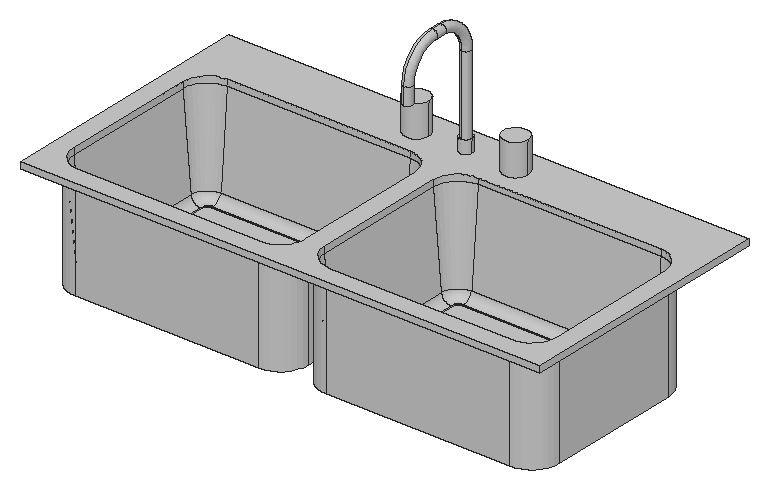
Revit family "Sink Kitchen-Double.rfa #", category Plumbing Fixtures, Revit 2023
Family settings
  Round Connector Dimension = Use Diameter
  Part Type = Normal
  Work Plane-Based = No
  Enable Cutting in Views = No
  Always vertical = Yes
  Cut with Voids When Loaded = No
  Maintain Annotation Orientation = No
  Shared = Yes
  Room Calculation Point = No
Parameters (values of type "42" x 21"")
  Default Elevation = 0' - 0"
  Assembly Code = "D2010410"
  Counter Height = 3' - 0"
  Depth = 1' - 9"
  Faucet Material = Steel, Polished
  Sink Material = Steel, Polished
  Width = 3' - 6"
Reference planes (in)
  plane 1 "Center (Front/Back)": y = -1.40766
  plane 2: z = 0
  plane 3 "Center (Left/Right)": x = 0.61769
  plane 4: y = 10.59234
  plane 5: y = -10.40766
  plane 6: x = -20.38231
  plane 7: x = 21.61769
  plane 8 "Top Of Counter": z = 36
  plane 9: z = 36.5
  plane 10: z = 27.5
  plane 11: y = 6.09234
  plane 12: x = -18.88231
  plane 13: y = -8.90766
  plane 14: x = 20.11769
  plane 15: x = -3.38231
  plane 16: x = 4.61769
  plane 17: y = 8.34234
  plane 18: y = 8.34234
  plane 19: y = 8.34234
  plane 20: z = 46.375
  plane 21: y = 2.46734
  plane 22: z = 39
  plane 23: z = 37.5
  plane 24: x = -0.13231
  plane 25: x = 1.36769
  plane 26: x = -9.13231
  plane 27: x = 10.36769
  plane 28: z = 27.875
Forms (in)
  Extrusion 1, solid, material "Steel, Polished" <- "Sink Material"
    sketch origin (0, 0, 0) x (1, 0, 0) y (0, 1, 0)
      loop
        line (-20.38231, 10.59234) -> (-20.38231, -10.40766) -> (21.61769, -10.40766) -> (21.61769, 10.59234) -> (-20.38231, 10.59234)
      loop
        arc (-16.88231, 6.09234) -> (-18.29653, 5.50655) -> (-18.88231, 4.09234) r 2
        line (-18.88231, 4.09234) -> (-18.88231, -6.90766)
        arc (-18.88231, -6.90766) -> (-18.29653, -8.32187) -> (-16.88231, -8.90766) r 2
        line (-16.88231, -8.90766) -> (-2.13231, -8.90766)
        arc (-2.13231, -8.90766) -> (-0.7181, -8.32187) -> (-0.13231, -6.90766) r 2
        line (-0.13231, -6.90766) -> (-0.13231, 4.09234)
        arc (-0.13231, 4.09234) -> (-0.7181, 5.50655) -> (-2.13231, 6.09234) r 2
        line (-2.13231, 6.09234) -> (-16.88231, 6.09234)
      loop
        arc (18.11769, -8.90766) -> (19.5319, -8.32187) -> (20.11769, -6.90766) r 2
        line (20.11769, -6.90766) -> (20.11769, 4.09234)
        arc (20.11769, 4.09234) -> (19.5319, 5.50655) -> (18.11769, 6.09234) r 2
        line (18.11769, 6.09234) -> (3.36769, 6.09234)
        arc (3.36769, 6.09234) -> (1.95347, 5.50655) -> (1.36769, 4.09234) r 2
        line (1.36769, 4.09234) -> (1.36769, -6.90766)
        arc (1.36769, -6.90766) -> (1.95347, -8.32187) -> (3.36769, -8.90766) r 2
        line (3.36769, -8.90766) -> (18.11769, -8.90766)
    from 36 to 36.5
  Sweep 2, solid, material "Steel, Polished" <- "Sink Material"
    path origin (0, 0, 0) x (1, 0, 0) y (0, 1, 0)
      loop
        arc (-16.88231, 6.09234) -> (-18.29653, 5.50655) -> (-18.88231, 4.09234) r 2
        line (-18.88231, 4.09234) -> (-18.88231, -6.90766)
        arc (-18.88231, -6.90766) -> (-18.29653, -8.32187) -> (-16.88231, -8.90766) r 2
        line (-16.88231, -8.90766) -> (-2.13231, -8.90766)
        arc (-2.13231, -8.90766) -> (-0.7181, -8.32187) -> (-0.13231, -6.90766) r 2
        line (-0.13231, -6.90766) -> (-0.13231, 4.09234)
        arc (-0.13231, 4.09234) -> (-0.7181, 5.50655) -> (-2.13231, 6.09234) r 2
        line (-2.13231, 6.09234) -> (-16.88231, 6.09234)
    profile origin (-9.50731, 0, 0) x (0, 1, 0) y (0, 0, 1)
      loop
        line (6.09234, 36) -> (5.44139, 28.55963)
        arc (5.44139, 28.55963) -> (5.20094, 28.07204) -> (4.69424, 27.875) r 0.75
        line (4.69424, 27.875) -> (4.59234, 27.875) -> (4.59234, 27.5) -> (6.34234, 27.5) -> (6.34234, 36) -> (6.09234, 36)
  Extrusion 3, solid, material "Steel, Polished" <- "Sink Material"
    sketch origin (0, 0, 0) x (1, 0, 0) y (0, 1, 0)
      loop
        arc (-16.88231, 4.59234) -> (-17.23587, 4.44589) -> (-17.38231, 4.09234) r 0.5
        line (-17.38231, 4.09234) -> (-17.38231, -6.90766)
        arc (-17.38231, -6.90766) -> (-17.23587, -7.26121) -> (-16.88231, -7.40766) r 0.5
        line (-16.88231, -7.40766) -> (-2.13231, -7.40766)
        arc (-2.13231, -7.40766) -> (-1.77876, -7.26121) -> (-1.63231, -6.90766) r 0.5
        line (-1.63231, -6.90766) -> (-1.63231, 4.09234)
        arc (-1.63231, 4.09234) -> (-1.77876, 4.44589) -> (-2.13231, 4.59234) r 0.5
        line (-2.13231, 4.59234) -> (-16.88231, 4.59234)
      loop
        circle (-9.13231, -1.40766) r 1
    from 27.5 to 27.875
  Extrusion 4, solid, material "Steel, Polished" <- "Faucet Material"
    sketch origin (0, 0, 0) x (1, 0, 0) y (0, 1, 0)
      loop
        circle (-3.38231, 8.34234) r 1
      loop
        circle (4.61769, 8.34234) r 1
    from 36.5 to 39
  Sweep 5, solid, material "Steel, Polished" <- "Faucet Material"
    path origin (0.61769, 0, 0) x (0, 1, 0) y (0, 0, 1)
      loop
        line (8.34234, 36.5) -> (8.34234, 43.875)
        arc (8.34234, 43.875) -> (7.61011, 45.64277) -> (5.84234, 46.375) r 2.5
        line (5.84234, 46.375) -> (4.96734, 46.375)
        arc (4.96734, 46.375) -> (3.19957, 45.64277) -> (2.46734, 43.875) r 2.5
        line (2.46734, 43.875) -> (2.46734, 42.5)
    profile origin (0.61769, 0, 40.1875) x (0, -1, 0) y (1, 0, 0)
      loop
        circle (-8.34234, 0) r 0.375
  Extrusion 6, solid, material "Steel, Polished" <- "Faucet Material"
    sketch origin (0, 0, 0) x (1, 0, 0) y (0, 1, 0)
      loop
        circle (0.61769, 8.34234) r 0.5
    from 36.5 to 37.5
  Sweep 7, solid, material "Steel, Polished" <- "Sink Material"
    path origin (1.23537, 0, 0) x (-1, 0, 0) y (0, -1, 0)
      loop
        line (-16.88231, -6.09234) -> (-2.13231, -6.09234)
        arc (-2.13231, -6.09234) -> (-0.7181, -5.50655) -> (-0.13231, -4.09234) r 2
        line (-0.13231, -4.09234) -> (-0.13231, 6.90766)
        arc (-0.13231, 6.90766) -> (-0.7181, 8.32187) -> (-2.13231, 8.90766) r 2
        line (-2.13231, 8.90766) -> (-16.88231, 8.90766)
        arc (-16.88231, 8.90766) -> (-18.29653, 8.32187) -> (-18.88231, 6.90766) r 2
        line (-18.88231, 6.90766) -> (-18.88231, -4.09234)
        arc (-18.88231, -4.09234) -> (-18.29653, -5.50655) -> (-16.88231, -6.09234) r 2
    profile origin (10.74269, 0, 0) x (0, -1, 0) y (0, 0, 1)
      loop
        line (-6.09234, 36) -> (-6.34234, 36) -> (-6.34234, 27.5) -> (-4.59234, 27.5) -> (-4.59234, 27.875) -> (-4.69424, 27.875)
        arc (-4.69424, 27.875) -> (-5.20094, 28.07204) -> (-5.44139, 28.55963) r 0.75
        line (-5.44139, 28.55963) -> (-6.09234, 36)
  Extrusion 8, solid, material "Steel, Polished" <- "Sink Material"
    sketch origin (0, 0, 0) x (1, 0, 0) y (0, 1, 0)
      loop
        arc (3.36769, 4.69424) -> (3.01413, 4.5478) -> (2.86769, 4.19424) r 0.5
        line (2.86769, 4.19424) -> (2.86769, -6.90766)
        arc (2.86769, -6.90766) -> (3.01413, -7.26121) -> (3.36769, -7.40766) r 0.5
        line (3.36769, -7.40766) -> (18.11769, -7.40766)
        arc (18.11769, -7.40766) -> (18.47124, -7.26121) -> (18.61769, -6.90766) r 0.5
        line (18.61769, -6.90766) -> (18.61769, 4.19424)
        arc (18.61769, 4.19424) -> (18.47124, 4.5478) -> (18.11769, 4.69424) r 0.5
        line (18.11769, 4.69424) -> (3.36769, 4.69424)
      loop
        circle (10.36769, -1.40766) r 1
    from 27.5 to 27.875
Cuts and joins
  joined: Extrusion 1, Sweep 2, Sweep 7
  joined: Sweep 5, Extrusion 6
Lines and regions (in)
  Masking region 1
    outline origin (0, 0, 36) x (0, -1, 0) y (1, 0, 0)
      loop
        line (-10.59234, -20.38231) -> (10.40766, -20.38231) -> (10.40766, 21.61769) -> (-10.59234, 21.61769) -> (-10.59234, -20.38231)
  symbolic lines
    curve 1: line (-18.88231, 4.09234, 36) -> (-18.88231, -6.90766, 36)
    curve 2: line (-16.88231, -8.90766, 36) -> (-2.13231, -8.90766, 36)
    curve 3: line (20.11769, -6.90766, 36) -> (20.11769, 4.09234, 36)
    curve 4: line (18.11769, 6.09234, 36) -> (3.36769, 6.09234, 36)
    curve 5: arc (20.11769, 4.09234, 36) -> (19.5319, 5.50655, 36) -> (18.11769, 6.09234, 36) r 2
    curve 6: arc (18.11769, -8.90766, 36) -> (19.5319, -8.32187, 36) -> (20.11769, -6.90766, 36) r 2
    curve 7: arc (-18.88231, -6.90766, 36) -> (-18.29653, -8.32187, 36) -> (-16.88231, -8.90766, 36) r 2
    curve 8: arc (-16.88231, 6.09234, 36) -> (-18.29653, 5.50655, 36) -> (-18.88231, 4.09234, 36) r 2
    curve 9: arc (1.11769, 8.34234, 36) -> (0.61769, 8.84234, 36) -> (0.11769, 8.34234, 36) r 0.5
    curve 10: line (0.11769, 8.34234, 36) -> (0.11769, 0.59234, 36)
    curve 11: line (1.11769, 8.34234, 36) -> (1.11769, 0.59234, 36)
    curve 12: arc (1.11769, 0.59234, 36) -> (0.61769, 0.09234, 36) -> (0.11769, 0.59234, 36) r 0.5
    curve 13: line (-0.13231, 4.09234, 36) -> (-0.13231, -6.90766, 36)
    curve 14: line (1.36769, 4.09234, 36) -> (1.36769, -6.90766, 36)
    curve 15: line (3.36769, -8.90766, 36) -> (18.11769, -8.90766, 36)
    curve 16: line (-2.13231, 6.09234, 36) -> (-16.88231, 6.09234, 36)
    curve 17: arc (3.36769, 6.09234, 36) -> (1.95347, 5.50655, 36) -> (1.36769, 4.09234, 36) r 2
    curve 18: arc (1.36769, -6.90766, 36) -> (1.95347, -8.32187, 36) -> (3.36769, -8.90766, 36) r 2
    curve 19: arc (-0.13231, -6.90766, 36) -> (-0.7181, -8.32187, 36) -> (-2.13231, -8.90766, 36) r 2
    curve 20: arc (-0.13231, 4.09234, 36) -> (-0.7181, 5.50655, 36) -> (-2.13231, 6.09234, 36) r 2
    curve 21: arc (-10.13231, -1.40766, 36) -> (-9.13231, -0.40766, 36) -> (-8.13231, -1.40766, 36) r 1
    curve 22: arc (-8.13231, -1.40766, 36) -> (-9.13231, -2.40766, 36) -> (-10.13231, -1.40766, 36) r 1
    curve 23: arc (9.36769, -1.40766, 36) -> (10.36769, -0.40766, 36) -> (11.36769, -1.40766, 36) r 1
    curve 24: arc (11.36769, -1.40766, 36) -> (10.36769, -2.40766, 36) -> (9.36769, -1.40766, 36) r 1
    curve 25: arc (-4.38231, 8.34234, 36) -> (-3.38231, 7.34234, 36) -> (-2.38231, 8.34234, 36) r 1
    curve 26: arc (-2.38231, 8.34234, 36) -> (-3.38231, 9.34234, 36) -> (-4.38231, 8.34234, 36) r 1
    curve 27: arc (3.61769, 8.34234, 36) -> (4.61769, 7.34234, 36) -> (5.61769, 8.34234, 36) r 1
    curve 28: arc (5.61769, 8.34234, 36) -> (4.61769, 9.34234, 36) -> (3.61769, 8.34234, 36) r 1
Dimensions and locks (in)
  equal spacing: plane 6, plane 3 "Center (Left/Right)", plane 7
  "Width": plane 6 to plane 7
  "Depth": plane 5 to plane 4
  "Counter Height": plane 8 "Top Of Counter" to plane 2
  locked: plane 9 to plane 8 "Top Of Counter" at 0.5
  locked: plane 8 "Top Of Counter" to plane 10 at 8.5
  locked: plane 6 to plane 12 at 1.5
  locked: plane 14 to plane 7 at 1.5
  locked: plane 11 to plane 4 at 4.5
  locked: plane 5 to plane 13 at 1.5
  equal spacing: plane 11, plane 17, plane 4
  equal spacing: plane 11, plane 18, plane 4
  equal spacing: plane 4, plane 19, plane 11
  locked: plane 19 to plane 21 at 5.875
  locked: plane 20 to plane 9 at 9.875
  locked: plane 22 to plane 9 at 2.5
  locked: plane 23 to plane 9 at 1
  plane 24 to plane 3 "Center (Left/Right)" to plane 25 = 0' - 0 3/4" locked, 0' - 0 3/4" locked
  equal spacing: plane 12, plane 26, plane 3 "Center (Left/Right)"
  equal spacing: plane 3 "Center (Left/Right)", plane 27, plane 14
  equal spacing: plane 13, plane 1 "Center (Front/Back)", plane 11
  locked: plane 15 to plane 3 "Center (Left/Right)" at 4
  locked: plane 3 "Center (Left/Right)" to plane 16 at 4
  locked: plane 28 to plane 10 at 0.375
  aligned and locked: Extrusion 1 sketch curve to plane 5
  aligned and locked: plane 7 to Extrusion 1 sketch curve
  aligned and locked: plane 4 to Extrusion 1 sketch curve
  aligned and locked: Extrusion 1 sketch curve to plane 6
  aligned and locked: plane 8 "Top Of Counter" to Extrusion 1
  aligned and locked: Extrusion 1 to plane 9
  aligned and locked: plane 11 to Extrusion 1 sketch curve
  aligned and locked: plane 14 to Extrusion 1 sketch curve
  aligned and locked: Extrusion 1 sketch curve to plane 12
  aligned and locked: Extrusion 1 sketch curve to plane 13
  aligned and locked: plane 11 to Sweep 2 sketch curve
  aligned and locked: Sweep 2 sketch curve to plane 12
  aligned and locked: Sweep 2 sketch curve to plane 13
  aligned and locked: Sweep 2 to Extrusion 3 sketch curve  (x4)
  aligned and locked: plane 10 to Extrusion 3
  aligned and locked: Sweep 2 sketch curve to plane 10
  aligned and locked: plane 8 "Top Of Counter" to Sweep 2 sketch curve
  aligned and locked: Extrusion 4 to Extrusion 1
  aligned and locked: Extrusion 6 to Extrusion 1
  aligned and locked: Sweep 5 sketch curve to plane 19
  aligned and locked: plane 20 to Sweep 5 sketch curve
  aligned and locked: plane 21 to Sweep 5 sketch curve
  aligned and locked: Extrusion 4 to plane 22
  aligned and locked: Extrusion 6 to plane 23
  aligned and locked: Sweep 2 sketch curve to Extrusion 1
  aligned and locked: Sweep 7 sketch curve to plane 14
  aligned and locked: Sweep 7 sketch curve to Extrusion 1
  aligned and locked: Sweep 7 sketch curve to plane 11
  aligned and locked: plane 13 to Sweep 7 sketch curve
  aligned and locked: plane 10 to Extrusion 8
  aligned and locked: curve 21 to Extrusion 3
  aligned and locked: curve 23 to Extrusion 8
  aligned and locked: Extrusion 8 sketch curve to Sweep 7
  aligned and locked: Sweep 7 sketch curve to plane 8 "Top Of Counter"
  aligned and locked: plane 10 to Sweep 7 sketch curve
  aligned and locked: plane 4 to Masking region 1 sketch curve
  aligned and locked: plane 7 to Masking region 1 sketch curve
  aligned and locked: Masking region 1 sketch curve to plane 5
  aligned and locked: Masking region 1 sketch curve to plane 6
  aligned and locked: plane 15 to Extrusion 4 sketch curve
  aligned and locked: plane 17 to Extrusion 4 sketch curve  (x2)
  aligned and locked: plane 16 to Extrusion 4 sketch curve
  aligned and locked: curve 25 to Extrusion 4
  aligned and locked: curve 27 to Extrusion 4
  aligned and locked: Extrusion 3 to plane 28
  aligned and locked: Extrusion 8 to plane 28
Automatic sketch dimensions
  Sweep 2 sketch curve to profile plane = 0' - 0"
  profile plane to Sweep 2 sketch curve = 0' - 0.65095"
  Sweep 2 sketch curve to Sweep 2 sketch curve = 0' - 0.74715"
  Sweep 2 sketch curve to Sweep 2 sketch curve = 0' - 0.10191"
  Sweep 2 sketch curve to profile plane = 0' - 0 1/4"
  Sweep 2 sketch curve to Sweep 2 sketch curve = 0' - 0 3/8"
  Sweep 2 sketch curve to Sweep 2 sketch curve = 0' - 0.68463"
  plane 15 to Extrusion 4 sketch curve = 0' - 1"
  plane 16 to Extrusion 4 sketch curve = 0' - 1"
  Sweep 5 sketch curve to plane 3 "Center (Left/Right)" = 0' - 0"
  Sweep 5 sketch curve to profile plane = 0' - 0"
  profile plane to Sweep 5 sketch curve = 0' - 0 3/8"
  Extrusion 6 sketch curve to plane 18 = 0' - 0"
  Extrusion 6 sketch curve to plane 3 "Center (Left/Right)" = 0' - 0"
  Extrusion 6 sketch curve to plane 3 "Center (Left/Right)" = 0' - 0 1/2"
  Sweep 5 sketch curve to plane 9 = 0' - 0"
  Sweep 5 sketch curve to Sweep 5 sketch curve = 0' - 2 1/2"
  plane 11 to Sweep 5 sketch curve = 0' - 0 1/4"
  Sweep 5 sketch curve to Sweep 5 sketch curve = 0' - 1 3/8"
  Extrusion 1 sketch curve to plane 13 = 0' - 0"
  Extrusion 1 sketch curve to plane 24 = 0' - 0"
  Extrusion 1 sketch curve to plane 25 = 0' - 0"
  Extrusion 1 sketch curve to plane 11 = 0' - 0"
  Extrusion 1 sketch curve to plane 12 = 0' - 2"  (x2)
  Extrusion 1 sketch curve to plane 3 "Center (Left/Right)" = 0' - 2 3/4"  (x2)
  plane 3 "Center (Left/Right)" to Extrusion 1 sketch curve = 0' - 2 3/4"  (x2)
  plane 14 to Extrusion 1 sketch curve = 0' - 2"
  Extrusion 1 sketch curve to Extrusion 1 sketch curve = 0' - 2"
  Sweep 2 sketch curve to plane 12 = 0' - 2"  (x2)
  Sweep 2 sketch curve to plane 3 "Center (Left/Right)" = 0' - 2 3/4"  (x2)
  plane 14 to Sweep 7 sketch curve = 0' - 2"  (x2)
  Sweep 7 sketch curve to Sweep 7 sketch curve = 0' - 2"
  plane 3 "Center (Left/Right)" to Sweep 7 sketch curve = 0' - 2 3/4"
  Extrusion 3 sketch curve to plane 1 "Center (Front/Back)" = 0' - 0"
  Extrusion 3 sketch curve to plane 26 = 0' - 0"
  Extrusion 3 sketch curve to Extrusion 3 sketch curve = 0' - 0 1/2"  (x4)
  plane 26 to Extrusion 3 sketch curve = 0' - 1"
  Extrusion 8 sketch curve to plane 1 "Center (Front/Back)" = 0' - 0"
  Extrusion 8 sketch curve to plane 27 = 0' - 0"
  plane 27 to Extrusion 8 sketch curve = 0' - 1"
  plane 3 "Center (Left/Right)" to Extrusion 8 sketch curve = 0' - 2 3/4"  (x2)
  Extrusion 8 sketch curve to Extrusion 8 sketch curve = 0' - 0 1/2"  (x2)
  plane 11 to Extrusion 8 sketch curve = 0' - 1.89809"
  Extrusion 8 sketch curve to plane 13 = 0' - 2"
  plane 7 to Extrusion 8 sketch curve = 0' - 3 1/2"
  Sweep 7 sketch curve to profile plane = 0' - 0"
  profile plane to Sweep 7 sketch curve = 0' - 0 1/4"
  Sweep 7 sketch curve to profile plane = 0' - 0.65095"
  Sweep 7 sketch curve to Sweep 7 sketch curve = 0' - 0.74715"
  Sweep 7 sketch curve to Sweep 7 sketch curve = 0' - 0.10191"
  Sweep 7 sketch curve to Sweep 7 sketch curve = 0' - 0.06537"
  Sweep 7 sketch curve to Sweep 7 sketch curve = 0' - 1.05963"
  curve 20 to plane 11 = 0' - 0"
  curve 17 to plane 11 = 0' - 0"
  curve 5 to plane 14 = 0' - 0"
  curve 1 to plane 12 = 0' - 0"
  curve 12 to plane 3 "Center (Left/Right)" = 0' - 0"
  curve 7 to plane 13 = 0' - 0"
  curve 18 to plane 13 = 0' - 0"
  plane 4 to curve 11 = 0' - 2 1/4"
  plane 11 to curve 5 = 0' - 2"
  plane 11 to curve 8 = 0' - 2"
  curve 13 to plane 3 "Center (Left/Right)" = 0' - 0 3/4"
  curve 14 to curve 13 = 0' - 0"
  curve 11 to plane 1 "Center (Front/Back)" = 0' - 2"
  plane 3 "Center (Left/Right)" to curve 14 = 0' - 0 3/4"
  curve 14 to plane 13 = 0' - 2"
  curve 13 to curve 14 = 0' - 0"
  curve 1 to plane 13 = 0' - 2"
  curve 6 to plane 13 = 0' - 2"
  curve 9 to plane 3 "Center (Left/Right)" = 0' - 0 1/2"
  curve 4 to curve 27 = 0' - 0 1/4"
Connectors (in)
  piping at (-3.38231, 8.34234, 36.5), diameter 1.5
    settings: on Extrusion 4, index 1, connector inside diameter 24", connector length 0' - 0", flow factor 0, pipe flow 0 GPM, pressure drop 8.00 psi, fitting loss kfactor 0, connector angle 0.00°, fixture units 1.5, engagement length 0' - 0", angle of deflection 0.00°, flow configuration 3, flow direction 1, fitting loss method 4, system type 19, joint type 0, gender type 0, connector reference index -1, connector utility 0, adjustable connector no, is connector primary yes, connector description ""
  piping at (4.61769, 8.34234, 36.5), diameter 1.5
    settings: on Extrusion 4, index 2, connector inside diameter 24", connector length 0' - 0", flow factor 0, pipe flow 0 GPM, pressure drop 8.00 psi, fitting loss kfactor 0, connector angle 0.00°, fixture units 1.5, engagement length 0' - 0", angle of deflection 0.00°, flow configuration 3, flow direction 1, fitting loss method 4, system type 20, joint type 0, gender type 0, connector reference index -1, connector utility 0, adjustable connector no, is connector primary no, connector description ""
  piping at (-9.13231, -1.40766, 27.5), diameter 2
    settings: on Extrusion 3, index 3, connector inside diameter 24", connector length 0' - 0", flow factor 0, pipe flow 0 GPM, pressure drop 8.00 psi, fitting loss kfactor 0, connector angle 0.00°, fixture units 1.5, engagement length 0' - 0", angle of deflection 0.00°, flow configuration 3, flow direction 1, fitting loss method 4, system type 16, joint type 0, gender type 0, connector reference index -1, connector utility 0, adjustable connector no, is connector primary no, connector description ""
  piping at (10.36769, -1.40766, 27.5), diameter 2
    settings: on Extrusion 8, index 4, connector inside diameter 24", connector length 0' - 0", flow factor 0, pipe flow 0 GPM, pressure drop 8.00 psi, fitting loss kfactor 0, connector angle 0.00°, fixture units 1.5, engagement length 0' - 0", angle of deflection 0.00°, flow configuration 3, flow direction 1, fitting loss method 4, system type 16, joint type 0, gender type 0, connector reference index -1, connector utility 0, adjustable connector no, is connector primary no, connector description ""
